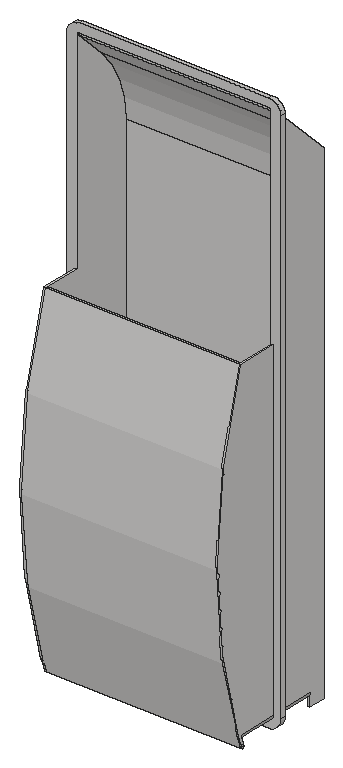
Revit family
Parameters (values of type "STRX605E")
  URL = "http://www.franke.com/washroomsystems/main/en/home.html"
  Revised Date = "02/09/2012"
  Product URL = "http://www.franke.com/washroomsystems/main/en/home/our_products/allproducts/all/201/201-104/ag-strx605e/strx605e_detail.html"
  Phone # = "416.250.5656"
  Model = "STRX605E"
  Material = Stainless Steel
  Manufacturer = "Franke Commercial"
  Designed By = "ATS BIM Team"
  Description = "Franke Commercial ‘STRATOS’ #STRX605E Waste Bin, 33-15/16” H x 12-7/8” W x 7-15/16” D (862mm x 327mm x 202mm), recess mounted, manufactured from heavy duty 16 gauge (1.5mm), grade 18-10 type 304 stainless steel with satin surface finished in patented InoxPlus® to minimize finger marks and ensure easy cleanup, curved front cover, 5.8 gal. (22L) capacity, heavy duty bag retainer and mounting hardware. Provide adequate backing in wall for support and comply to local codes for barrier-free requirements."
  Assembly Code = "E1090"
Reference planes (in)
  plane 1 "Center (Front/Back)": y = 0
  plane 2: z = 0
  plane 3 "Center (Left/Right)": x = 0
  plane 4: through (0, -4.99485, 23.42373) normal (0, 0.3169, 0.9484)
  plane 5: x = -6.4375
  plane 6: x = 6.4375
  plane 7: z = 33.9375
  plane 8: y = 7.9375
  plane 9: y = 4.39453
Forms (in)
  Extrusion 1, solid, material "Stainless Steel" <- "Material"
    sketch origin (0, 4.39453, 0) x (1, 0, 0) y (0, 0, 1)
      loop
        arc (-5.6875, 33.9375) -> (-6.21783, 33.71783) -> (-6.4375, 33.1875) r 0.75
        line (-6.4375, 33.1875) -> (-6.4375, 0.75)
        arc (-6.4375, 0.75) -> (-6.21783, 0.21967) -> (-5.6875, 0) r 0.75
        line (-5.6875, 0) -> (5.6875, 0)
        arc (5.6875, 0) -> (6.21783, 0.21967) -> (6.4375, 0.75) r 0.75
        line (6.4375, 0.75) -> (6.4375, 33.1875)
        arc (6.4375, 33.1875) -> (6.21783, 33.71783) -> (5.6875, 33.9375) r 0.75
        line (5.6875, 33.9375) -> (-5.6875, 33.9375)
      loop
        arc (-5.6875, 33.4375) -> (-5.86428, 33.36428) -> (-5.9375, 33.1875) r 0.25
        line (-5.9375, 33.1875) -> (-5.9375, 0.75)
        arc (-5.9375, 0.75) -> (-5.86428, 0.57322) -> (-5.6875, 0.5) r 0.25
        line (-5.6875, 0.5) -> (5.6875, 0.5)
        arc (5.6875, 0.5) -> (5.86428, 0.57322) -> (5.9375, 0.75) r 0.25
        line (5.9375, 0.75) -> (5.9375, 33.1875)
        arc (5.9375, 33.1875) -> (5.86428, 33.36428) -> (5.6875, 33.4375) r 0.25
        line (5.6875, 33.4375) -> (-5.6875, 33.4375)
    from 0 to 0.25
  Extrusion 2, solid, material "Stainless Steel" <- "Material"
    sketch origin (0, 10.62797, 0.25) x (0, 1, 0) y (0, 0, 1)
      loop
        arc (-8.875, 20.4375) -> (-10.62769, 10.08597) -> (-8.78541, -0.25) r 30.66099
        line (-8.78541, -0.25) -> (-8.65238, -0.25)
        arc (-8.65238, -0.25) -> (-10.50268, 10.0859) -> (-8.74239, 20.4375) r 30.53599
        line (-8.74239, 20.4375) -> (-8.875, 20.4375)
    from -5.9375 to 5.9375
  Extrusion 3, solid, material "Stainless Steel" <- "Material"
    sketch origin (-0.03125, 7.9375, 7.84) x (0, 1, 0) y (0, 0, 1)
      loop
        line (0, 21.80453) -> (-0.125, 21.80453) -> (-0.125, -7.84) -> (0, -7.84) -> (0, 21.80453)
    from -5.90625 to 5.96875
  Extrusion 4, void
    sketch origin (0, 0, 0) x (1, 0, 0) y (0, 0, 1)
      loop
        arc (-5.6875, 0.5) -> (-5.86428, 0.57322) -> (-5.9375, 0.75) r 0.25
        line (-5.9375, 0.75) -> (-5.9375, 0.5) -> (-5.6875, 0.5)
      loop
        line (5.6875, 0.5) -> (5.9375, 0.5) -> (5.9375, 0.75)
        arc (5.9375, 0.75) -> (5.86428, 0.57322) -> (5.6875, 0.5) r 0.25
    from -6.9375 to -1.43279
  Extrusion 5, solid, material "Stainless Steel" <- "Material"
    sketch origin (0, 0, 0) x (0, 1, 0) y (0, 0, 1)
      loop
        line (7.9375, 29.51953) -> (7.9375, 29.64453) -> (4.39453, 33.1875) -> (4.39453, 33.4375) -> (4.20703, 33.4375) -> (4.20703, 33.25) -> (5.86052, 31.59651)
        arc (5.86052, 31.59651) -> (7.25513, 29.55543) -> (7.8125, 27.14705) r 6.68406
        line (7.8125, 27.14705) -> (7.8125, 29.64453) -> (7.9375, 29.51953)
    from -5.9375 to 5.9375
  Extrusion 6, solid, material "Stainless Steel" <- "Material"
    sketch origin (5.9375, 10.62797, 0.25) x (0, 1, 0) y (0, 0, -1)
      loop
        line (-8.875, -20.4375) -> (-6.48344, -20.4375) -> (-6.48344, -33.0625) -> (-6.48344, -33.29032) -> (-6.35844, -33.29032) -> (-6.35844, -32.9375) -> (-2.69047, -29.26953) -> (-2.69047, 0.25) -> (-3.69047, 0.25) -> (-3.69047, -0.25) -> (-8.82995, -0.25)
        arc (-8.82995, -0.25) -> (-8.74225, 0.00039) -> (-8.65238, 0.25) r 30.53599
        line (-8.65238, 0.25) -> (-8.78541, 0.25)
        arc (-8.78541, 0.25) -> (-10.62769, -10.08597) -> (-8.875, -20.4375) r 30.66099
    from 0 to 0.125
  Extrusion 7, solid, material "Stainless Steel" <- "Material"
    sketch origin (-5.9375, 10.62797, 0.25) x (0, 1, 0) y (0, 0, 1)
      loop
        arc (-8.875, 20.4375) -> (-10.62769, 10.08597) -> (-8.78541, -0.25) r 30.66099
        line (-8.78541, -0.25) -> (-8.65238, -0.25)
        arc (-8.65238, -0.25) -> (-8.74225, -0.00039) -> (-8.82995, 0.25) r 30.53599
        line (-8.82995, 0.25) -> (-3.69047, 0.25) -> (-3.69047, -0.25) -> (-2.69047, -0.25) -> (-2.69047, 29.26953) -> (-6.35844, 32.9375) -> (-6.35844, 33.29032) -> (-6.48344, 33.29032) -> (-6.48344, 33.0625) -> (-6.48344, 20.4375) -> (-8.875, 20.4375)
    from 0 to 0.125
  Extrusion 8, solid, material "Stainless Steel" <- "Material"
    sketch origin (0, 0, 0) x (1, 0, 0) y (0, 0, 1)
      loop
        arc (5.6875, 0.5) -> (5.7522, 0.50852) -> (5.8125, 0.53349) r 0.25
        arc (5.8125, 0.53349) -> (5.90401, 0.625) -> (5.9375, 0.75) r 0.25
        line (5.9375, 0.75) -> (5.9375, 0.8125)
        arc (5.9375, 0.8125) -> (5.86428, 0.63572) -> (5.6875, 0.5625) r 0.25
        line (5.6875, 0.5625) -> (-5.6875, 0.5625)
        arc (-5.6875, 0.5625) -> (-5.86428, 0.63572) -> (-5.9375, 0.8125) r 0.25
        line (-5.9375, 0.8125) -> (-5.9375, 0.75)
        arc (-5.9375, 0.75) -> (-5.90401, 0.625) -> (-5.8125, 0.53349) r 0.25
        arc (-5.8125, 0.53349) -> (-5.7522, 0.50852) -> (-5.6875, 0.5) r 0.25
        line (-5.6875, 0.5) -> (5.6875, 0.5)
    from -7.9375 to -1.67397
Cuts and joins
  Extrusion 4 cuts Extrusion 6
  Extrusion 4 cuts Extrusion 7
  joined: Extrusion 1, Extrusion 2, Extrusion 3, Extrusion 5, Extrusion 6, Extrusion 7, Extrusion 8
Dimensions and locks (in)
  plane 6 to plane 5 = 12 7/8"
  plane 7 to plane 2 = 33 15/16"
  plane 8 to plane 1 "Center (Front/Back)" = 7 15/16"
  plane 8 to plane 9 = 3 139/256"
